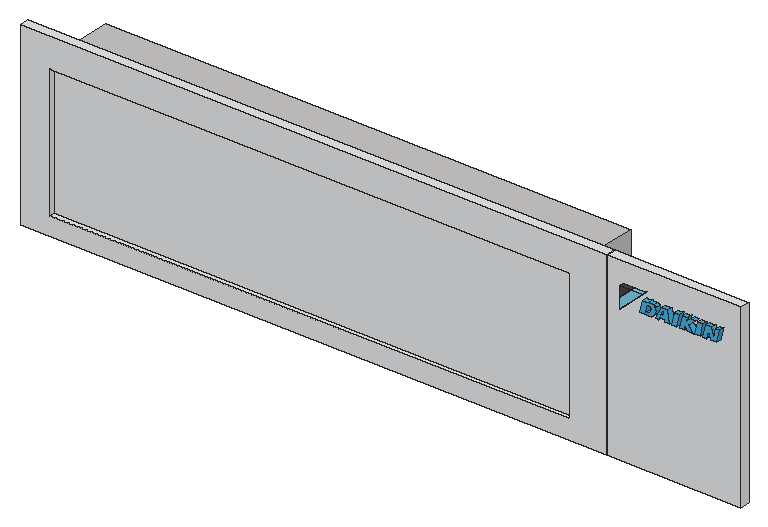
Revit family "outputfile", category 制気口, Revit 2024
Family settings
  丸型コネクタ寸法 = 直径を使用
  パーツ タイプ = 標準
  OmniClass 番号 = 23.75.70.21.27.11
  OmniClass タイトル = Diffusers, Registers, and Grilles
  作業面ベース = いいえ
  常に垂直 = はい
  ロード時にボイドで切り取り = いいえ
  注釈の向きを維持 = いいえ
  共有 = いいえ
  部屋計算ポイント = いいえ
Parameters (values of type "FPRAQ25APVM")
  Description = ""
  製造元 = "Daikin"
  書き出し IFC クラス(タイプ) = "IfcAirTerminalType"
  Default Elevation = 0 mm
  定義済み IFC タイプ(タイプ) = "GRILLE"
  Cost = 0
  モデル = "FPRAQ25APVM"
  Type Comments = ""
  Keynote = ""
  Type Image = (empty or 0)
  Assembly Code = ""
  Width = 722 mm
  Version = "ver.1.0"
  Unit Type = "Moisture Control 3D Air Flow Ceiling Mounted Duct Type"
  Unit Designation [instance] = ""
  Uniclass2015Version = "Products v1.35"
  Uniclass2015Title = "Air grilles"
  Uniclass2015Code = "Pr_70_65_04_03"
  URL = ""
  Series = "VRV Fan Coil Unit"
  SA Duct Size Width = 456 mm
  SA Duct Size Height = 141 mm
  Material_Grille = DAIKIN_FreshWhite_Panel_indoorunit
  IfcVersion = ""
  IfcExportType = "GRILLE"
  IfcExportAs = "IfcAirTerminalType"
  Height = 180 mm
  FCU Tag No. [instance] = ""
  Design Supply Airflow [instance] = 0.00 m³/h
  Depth = 70 mm
Reference planes
  plane 1 "Center (Front/Back)": y = 0
  plane 2: z = 90
  plane 3 "Center (Left/Right)": x = 10
  plane 4: x = 371
  plane 5: x = 237
  plane 6: x = -351
  plane 7: z = -90
  plane 8: z = -90
  plane 9: z = -75
  plane 10: x = 304
  plane 11: x = -321
  plane 12 "Center (Elevation)": z = 0
  plane 13: y = -10
  plane 14: y = -5
  plane 15: y = 60
  plane 16: z = 70.5
  plane 17: x = 205
  plane 18: z = 60
  plane 19: z = -23
  plane 20: z = -70.5
  plane 21: x = 308.5
  plane 22: x = 268
  plane 23: x = -58
Forms (mm)
  Extrusion 1, solid, material "DAIKIN_FreshWhite_Panel_indoorunit" <- "Material_Grille"
    sketch origin (10, 0, 0) x (0, 1, 0) y (0, 0, 1)
      loop
        line (0, 90) -> (-10, 90) -> (-10, -90) -> (0, -90) -> (0, 90)
    from 227 to 361
  Extrusion 2, solid, material "DAIKIN_FreshWhite_Panel_indoorunit" <- "Material_Grille"
    sketch origin (10, 0, 0) x (0, 1, 0) y (0, 0, 1)
      loop
        line (-10, 90) -> (-10, -90) -> (0, -90) -> (0, 90) -> (-10, 90)
    from -361 to 227
  Extrusion 3, void
    sketch origin (0, 0, 0) x (1, 0, 0) y (0, 0, 1)
      loop
        line (-321, 61) -> (-321, -70.5) -> (200.5, -70.5) -> (200.5, 61) -> (-321, 61)
    from 10 to 5
  Extrusion 4, solid, material "DAIKIN_GalvanizedSteel_Casing_indoorunit"
    sketch origin (0, 0, 0) x (1, 0, 0) y (0, 1, 0)
      loop
        line (-321, 60) -> (-321, 0) -> (205, 0) -> (205, 60) -> (-321, 60)
    from -70.5 to 70.5
  Extrusion 5, solid, material "DAIKIN_GalvanizedSteel_Casing_indoorunit"
    sketch origin (0, 0, 0) x (1, 0, 0) y (0, 1, 0)
      loop
        line (283.049, 33) -> (269.7, 19.651) -> (269.7, 0) -> (338.3, 0) -> (338.3, 33) -> (283.049, 33)
    from -23 to 60
Cuts and joins
  Extrusion 3 cuts Extrusion 2
  Extrusion 3 cuts Extrusion 1
Dimensions and locks
  locked: plane 2 to plane 7 at 180
  locked: plane 2 to Extrusion 3 sketch curve at 29
  locked: plane 2 to plane 9 at 165
  locked: plane 4 to plane 5 at 134
  locked: plane 11 to plane 6 at 30
  locked: plane 13 to plane 1 "Center (Front/Back)" at 10
  equal spacing: plane 13, plane 14, plane 1 "Center (Front/Back)"
  plane 6 to plane 3 "Center (Left/Right)" = 361 mm
  equal spacing: plane 4, plane 10, plane 5
  locked: plane 2 to plane 16 at 19.5
  locked: plane 17 to plane 4 at 166
  equal spacing: Extrusion 5 sketch curve, plane 10, Extrusion 5 sketch curve
  locked: Extrusion 5 sketch curve to Extrusion 5 sketch curve at 68.6
  locked: plane 1 "Center (Front/Back)" to Extrusion 5 sketch curve at 33
  plane 2 to plane 18 = 30 mm  (x2)
  locked: plane 19 to plane 8 at 67
  locked: plane 20 to plane 8 at 19.5
  "Width": plane 6 to plane 4
  "Depth": plane 15 to plane 13
  "Height": plane 2 to plane 8
  locked: plane 4 to plane 21 at 62.5
  locked: plane 22 to plane 5 at 31
  equal spacing: plane 17, plane 23, plane 11
  equal spacing: plane 4, plane 3 "Center (Left/Right)", plane 6
  aligned and locked: Extrusion 1 to plane 5
  aligned and locked: plane 4 to Extrusion 1
  aligned and locked: plane 7 to Extrusion 2 sketch curve
  aligned and locked: Extrusion 2 to Extrusion 1
  aligned and locked: Extrusion 2 to plane 6
  aligned and locked: Extrusion 3 to plane 11
  aligned and locked: Extrusion 1 sketch curve to plane 2
  aligned and locked: plane 2 to Extrusion 2 sketch curve
  aligned and locked: level to plane 12 "Center (Elevation)"
  aligned and locked: Extrusion 1 sketch curve to plane 1 "Center (Front/Back)"
  aligned and locked: plane 1 "Center (Front/Back)" to Extrusion 4 sketch curve
  aligned and locked: plane 14 to Extrusion 3
  aligned and locked: plane 1 "Center (Front/Back)" to Extrusion 2 sketch curve
  aligned and locked: plane 13 to Extrusion 2 sketch curve
  aligned and locked: Extrusion 2 to Extrusion 3
  aligned and locked: plane 13 to Extrusion 1 sketch curve
  aligned and locked: plane 15 to Extrusion 4
  aligned and locked: Extrusion 4 to cut or joined group of Extrusion 2, Extrusion 3
  aligned and locked: nested 1 to plane 16
  aligned and locked: plane 10 to nested 1
  aligned and locked: nested 1 to plane 13
  aligned and locked: plane 17 to Extrusion 4
  aligned and locked: Extrusion 5 sketch curve to plane 1 "Center (Front/Back)"
  aligned and locked: plane 18 to Extrusion 5
  aligned and locked: Extrusion 5 to plane 19
  aligned and locked: Extrusion 4 to plane 20
  aligned and locked: Extrusion 3 to Extrusion 4
  aligned and locked: Extrusion 4 to plane 16
  aligned and locked: Extrusion 1 sketch curve to plane 8
Automatic sketch dimensions
  plane 6 to Extrusion 3 sketch curve = 30 mm
  Extrusion 3 sketch curve to plane 5 = 36.5 mm
  Extrusion 4 sketch curve to plane 10 = 99 mm
  Extrusion 4 sketch curve to plane 11 = 0 mm
  Extrusion 4 sketch curve to plane 1 "Center (Front/Back)" = 60 mm
  Extrusion 5 sketch curve to Extrusion 5 sketch curve = 13.349 mm  (x2)
  plane 20 to Extrusion 3 sketch curve = 0 mm
Nested families
  nested 1: "daikin_logo_elevation_w100" at (319, -10, 45.5), type "daikin_logo_elevation_w100"
    with show_logo yes
Connectors
  hvac at (-58, 60, 0), driven by "SA Duct Size Height", driven by "SA Duct Size Width", driven by "Design Supply Airflow"
    settings: on Extrusion 4, index 1, duct flow 0.00 m³/h, flow factor 0, pres drop 0.0 Pa, loss coef 0, conn angle 0.00°, conn width 456.0 mm, conn height 141.0 mm, conn diameter 609.6 mm, duct sys type 1, conn prof type 1, flow config 1, flow direction 1, loss method 4, conn ref index -1, conn util no, is conn primary yes, conn desc "SA Duct"
Definition of nested family "daikin_logo_elevation_w100"
  Parameters (values of type "daikin_logo_elevation_w100")
    width = 100 mm
    show_logo [instance] = yes
    material = none
    height = 25 mm
    depth = 5 mm
    Default Elevation = 0 mm
  Reference planes
    plane 1 "Center (Front/Back)": y = 0
    plane 2: z = 0
    plane 3 "Center (Left/Right)": x = -15
    plane 4 "left": x = -65
    plane 5 "right": x = 35
    plane 6: y = -5
    plane 7: z = 25
  Forms (mm)
    Extrusion 1, solid
      sketch origin (0, 0, 0) x (1, 0, 0) y (0, 0, 1)
        loop
          line (-65, 25) -> (-65, 14.753) -> (-53.814, 25) -> (-65, 25)
      from 0 to 5
    Extrusion 2, solid
      sketch origin (0, 0, 0) x (1, 0, 0) y (0, 0, 1)
        loop
          line (-42.019, 25) -> (-53.814, 25) -> (-65, 14.753) -> (-65, 3.87) -> (-42.019, 25)
      from 0 to 5
    Extrusion 3, solid
      sketch origin (0, 0, 0) x (1, 0, 0) y (0, 0, 1)
        loop
          line (-35.602, 20.041) -> (-41.486, 20.041) -> (-44.428, 8.274) -> (-35.602, 8.274)
          arc (-35.602, 8.274) -> (-32.105, 8.983) -> (-29.415, 11.329) r 6.978
          arc (-29.415, 11.329) -> (-28.233, 14.382) -> (-28.637, 17.63) r 6.701
          arc (-28.637, 17.63) -> (-29.469, 18.814) -> (-30.709, 19.559) r 3.49
          arc (-30.709, 19.559) -> (-33.138, 19.976) -> (-35.602, 20.041) r 17.114
        loop
          line (-38.544, 10.627) -> (-36.191, 10.627)
          arc (-36.191, 10.627) -> (-34.383, 11.838) -> (-33.335, 13.745) r 4.6
          arc (-33.335, 13.745) -> (-33.193, 15.202) -> (-33.538, 16.625) r 4.404
          arc (-33.538, 16.625) -> (-34.051, 17.128) -> (-34.72, 17.393) r 1.818
          line (-34.72, 17.393) -> (-37.073, 17.393) -> (-38.544, 10.627)
        loop
          line (-29.13, 8.274) -> (-25.894, 8.274) -> (-24.791, 10.333) -> (-20.158, 10.333) -> (-19.717, 8.274) -> (-14.422, 8.274) -> (-16.775, 20.041) -> (-22.659, 20.041) -> (-29.13, 8.274)
        loop
          line (-23.373, 12.98) -> (-20.725, 12.98) -> (-21.482, 16.511) -> (-23.373, 12.98)
        loop
          line (-10.009, 20.041) -> (-12.951, 8.274) -> (-7.95, 8.274) -> (-5.008, 20.041) -> (-10.009, 20.041)
        loop
          line (-5.008, 8.274) -> (-0.007, 8.274) -> (0.792, 11.472) -> (3.229, 8.274) -> (9.407, 8.274) -> (4.7, 14.451) -> (11.466, 20.041) -> (6.171, 20.041) -> (2.093, 16.672) -> (2.935, 20.041) -> (-2.066, 20.041) -> (-5.008, 8.274)
        loop
          line (10.583, 8.274) -> (15.879, 8.274) -> (18.82, 20.041) -> (13.819, 20.041) -> (10.583, 8.274)
        loop
          line (18.82, 8.274) -> (22.35, 8.274) -> (24.013, 14.925) -> (26.175, 8.274) -> (32.058, 8.274) -> (35, 20.041) -> (31.47, 20.041) -> (29.679, 12.878) -> (27.351, 20.041) -> (21.762, 20.041) -> (18.82, 8.274)
      from 0 to 5
  Lines and regions (mm)
    model lines
      curve 1: line (-42.019, 0, 25) -> (-52.024, 0, 25)
      curve 2: line (-52.024, 0, 25) -> (-65, 0, 13.114)
      curve 3: line (-65, 0, 13.114) -> (-65, 0, 3.87)
      curve 4: line (-65, 0, 3.87) -> (-42.019, 0, 25)
      curve 5: line (-65, 0, 14.753) -> (-65, 0, 25)
      curve 6: line (-65, 0, 25) -> (-53.814, 0, 25)
      curve 7: line (-53.814, 0, 25) -> (-65, 0, 14.753)
      curve 8: line (-20.725, 0, 12.98) -> (-23.373, 0, 12.98)
      curve 9: line (-23.373, 0, 12.98) -> (-21.482, 0, 16.511)
      curve 10: line (-21.482, 0, 16.511) -> (-20.725, 0, 12.98)
      curve 11: line (-19.717, 0, 8.274) -> (-20.158, 0, 10.333)
      curve 12: line (-20.158, 0, 10.333) -> (-24.791, 0, 10.333)
      curve 13: line (-24.791, 0, 10.333) -> (-25.894, 0, 8.274)
      curve 14: line (-25.894, 0, 8.274) -> (-29.13, 0, 8.274)
      curve 15: line (-29.13, 0, 8.274) -> (-22.659, 0, 20.041)
      curve 16: line (-22.659, 0, 20.041) -> (-16.775, 0, 20.041)
      curve 17: line (-36.191, 0, 10.627) -> (-38.544, 0, 10.627)
      curve 18: line (-38.544, 0, 10.627) -> (-37.073, 0, 17.393)
      curve 19: line (-37.073, 0, 17.393) -> (-34.72, 0, 17.393)
      curve 20: line (-5.008, 0, 20.041) -> (-10.009, 0, 20.041)
      curve 21: line (-10.009, 0, 20.041) -> (-12.951, 0, 8.274)
      curve 22: line (-12.951, 0, 8.274) -> (-7.95, 0, 8.274)
      curve 23: line (-7.95, 0, 8.274) -> (-5.008, 0, 20.041)
      curve 24: line (24.013, 0, 14.925) -> (22.35, 0, 8.274)
      curve 25: line (22.35, 0, 8.274) -> (18.82, 0, 8.274)
      curve 26: line (18.82, 0, 8.274) -> (21.762, 0, 20.041)
      curve 27: line (21.762, 0, 20.041) -> (27.351, 0, 20.041)
      curve 28: line (27.351, 0, 20.041) -> (29.679, 0, 12.878)
      curve 29: line (29.679, 0, 12.878) -> (31.47, 0, 20.041)
      curve 30: line (31.47, 0, 20.041) -> (35, 0, 20.041)
      curve 31: line (35, 0, 20.041) -> (32.058, 0, 8.274)
      curve 32: line (32.058, 0, 8.274) -> (26.175, 0, 8.274)
      curve 33: line (26.175, 0, 8.274) -> (24.013, 0, 14.925)
      curve 34: line (-16.775, 0, 20.041) -> (-14.422, 0, 8.274)
      curve 35: line (-14.422, 0, 8.274) -> (-19.717, 0, 8.274)
      curve 36: line (-35.602, 0, 20.041) -> (-41.486, 0, 20.041)
      curve 37: line (-41.486, 0, 20.041) -> (-44.428, 0, 8.274)
      curve 38: line (-44.428, 0, 8.274) -> (-35.602, 0, 8.274)
      curve 39: line (10.583, 0, 8.274) -> (15.879, 0, 8.274)
      curve 40: line (15.879, 0, 8.274) -> (18.82, 0, 20.041)
      curve 41: line (18.82, 0, 20.041) -> (13.819, 0, 20.041)
      curve 42: line (13.819, 0, 20.041) -> (10.583, 0, 8.274)
      curve 43: line (3.229, 0, 8.274) -> (0.792, 0, 11.472)
      curve 44: line (0.792, 0, 11.472) -> (-0.007, 0, 8.274)
      curve 45: line (-0.007, 0, 8.274) -> (-5.008, 0, 8.274)
      curve 46: line (-5.008, 0, 8.274) -> (-2.066, 0, 20.041)
      curve 47: line (-2.066, 0, 20.041) -> (2.935, 0, 20.041)
      curve 48: line (2.935, 0, 20.041) -> (2.093, 0, 16.672)
      curve 49: line (2.093, 0, 16.672) -> (6.171, 0, 20.041)
      curve 50: line (6.171, 0, 20.041) -> (11.466, 0, 20.041)
      curve 51: line (11.466, 0, 20.041) -> (4.7, 0, 14.451)
      curve 52: line (4.7, 0, 14.451) -> (9.407, 0, 8.274)
      curve 53: line (9.407, 0, 8.274) -> (3.229, 0, 8.274)
      curve 54: arc (-36.191, 0, 10.627) -> (-34.383, 0, 11.838) -> (-33.335, 0, 13.745) r 4.6
      curve 55: arc (-33.335, 0, 13.745) -> (-33.193, 0, 15.202) -> (-33.538, 0, 16.625) r 4.404
      curve 56: arc (-33.538, 0, 16.625) -> (-34.051, 0, 17.128) -> (-34.72, 0, 17.393) r 1.818
      curve 57: arc (-35.602, 0, 8.274) -> (-32.105, 0, 8.983) -> (-29.415, 0, 11.329) r 6.978
      curve 58: arc (-29.415, 0, 11.329) -> (-28.233, 0, 14.382) -> (-28.637, 0, 17.63) r 6.701
      curve 59: arc (-28.637, 0, 17.63) -> (-29.469, 0, 18.814) -> (-30.709, 0, 19.559) r 3.49
      curve 60: arc (-30.709, 0, 19.559) -> (-33.138, 0, 19.976) -> (-35.602, 0, 20.041) r 17.114
  Dimensions and locks
    "width": plane 4 "left" to plane 5 "right"
    "depth": plane 6 to plane 1 "Center (Front/Back)"
    equal spacing: plane 4 "left", plane 3 "Center (Left/Right)", plane 5 "right"
    "height": plane 7 to plane 2
    aligned and locked: level to plane 2
    aligned and locked: Extrusion 1 sketch curve to plane 4 "left"
    aligned and locked: Extrusion 1 sketch curve to plane 7
    aligned and locked: plane 7 to Extrusion 2 sketch curve
    aligned and locked: plane 4 "left" to Extrusion 2 sketch curve
    aligned and locked: Extrusion 3 to plane 6
    aligned and locked: Extrusion 1 to plane 6
    aligned and locked: Extrusion 2 to plane 6
  Automatic sketch dimensions
    plane 4 "left" to curve 5 = 0 mm
    plane 4 "left" to curve 2 = 0 mm
    curve 30 to plane 5 "right" = 0 mm
    curve 5 to curve 6 = 11.186 mm
    curve 6 to curve 2 = 1.79 mm
    curve 2 to curve 37 = 7.597 mm
    curve 2 to curve 1 = 10.005 mm
    curve 1 to curve 37 = 0.534 mm
    curve 37 to curve 18 = 5.884 mm
    curve 17 to curve 54 = 0.769 mm
    curve 54 to curve 55 = 0.188 mm
    curve 54 to curve 19 = 0.702 mm
    curve 17 to curve 17 = 2.353 mm
    curve 18 to curve 36 = 1.471 mm
    curve 17 to curve 38 = 0.588 mm
    curve 55 to curve 57 = 2.392 mm
    curve 57 to curve 56 = 0.152 mm
    curve 57 to curve 58 = 0.311 mm
    curve 57 to curve 60 = 0.787 mm
    curve 56 to curve 19 = 0.322 mm
    curve 19 to curve 59 = 2.873 mm
    curve 57 to curve 15 = 6.472 mm
    curve 14 to curve 13 = 3.236 mm
    curve 13 to curve 13 = 1.103 mm
    curve 12 to curve 8 = 1.418 mm
    curve 8 to curve 16 = 0.714 mm
    curve 15 to curve 10 = 1.177 mm
    curve 8 to curve 10 = 2.648 mm
    curve 8 to curve 12 = 0.567 mm
    curve 11 to curve 35 = 0.441 mm
    curve 16 to plane 3 "Center (Left/Right)" = 1.775 mm
    plane 3 "Center (Left/Right)" to curve 35 = 0.578 mm
    curve 34 to curve 21 = 1.471 mm
    plane 3 "Center (Left/Right)" to curve 21 = 4.991 mm
    curve 21 to curve 23 = 5.001 mm
    curve 20 to curve 23 = 5.001 mm
    curve 22 to curve 45 = 2.942 mm
    curve 20 to curve 47 = 2.942 mm
    curve 45 to curve 44 = 5.001 mm
    curve 44 to curve 44 = 0.799 mm
    curve 46 to curve 49 = 4.159 mm
    curve 49 to curve 48 = 0.842 mm
    curve 44 to curve 53 = 3.236 mm
    curve 48 to curve 52 = 2.607 mm
    curve 47 to curve 49 = 3.236 mm
    curve 43 to curve 53 = 6.178 mm
    curve 52 to curve 39 = 1.177 mm
    curve 49 to curve 51 = 5.295 mm
    curve 50 to curve 41 = 2.353 mm
    curve 39 to curve 39 = 5.295 mm
    curve 41 to curve 40 = 5.001 mm
    curve 39 to curve 25 = 2.942 mm
    curve 40 to curve 26 = 2.942 mm
    curve 25 to curve 24 = 3.53 mm
    curve 26 to curve 33 = 2.251 mm
    curve 24 to curve 33 = 3.824 mm
    curve 26 to curve 27 = 5.589 mm
    curve 29 to plane 5 "right" = 5.321 mm
    curve 29 to curve 30 = 3.53 mm
    curve 31 to plane 5 "right" = 2.942 mm
    curve 60 to plane 7 = 22.055 mm
    curve 60 to curve 3 = 0.925 mm
    curve 60 to curve 37 = 5.329 mm
    curve 60 to curve 34 = 5.329 mm
    curve 32 to curve 34 = 0 mm
    curve 39 to curve 32 = 0 mm
    curve 43 to curve 39 = 0 mm
    curve 26 to curve 39 = 0 mm
    curve 23 to curve 34 = 0 mm
    curve 13 to curve 11 = 0 mm
    curve 44 to curve 43 = 0 mm
    curve 11 to curve 11 = 2.059 mm
    curve 38 to curve 17 = 2.353 mm
    curve 44 to curve 43 = 3.198 mm
    curve 31 to curve 29 = 4.604 mm
    curve 12 to curve 8 = 2.648 mm
    curve 4 to curve 2 = 9.244 mm
    curve 43 to curve 51 = 2.98 mm
    curve 2 to curve 5 = 1.639 mm
    curve 17 to curve 55 = 4.265 mm
    curve 28 to curve 24 = 2.046 mm
    curve 55 to curve 54 = 0.053 mm
    curve 55 to curve 58 = 0.311 mm
    curve 58 to curve 57 = 0.037 mm
    curve 57 to curve 56 = 0.364 mm
    curve 58 to curve 59 = 1.057 mm
    curve 8 to curve 9 = 3.53 mm
    curve 51 to curve 48 = 2.22 mm
    curve 54 to curve 18 = 2.447 mm
    curve 22 to curve 21 = 11.767 mm
    curve 46 to curve 20 = 0 mm
    curve 24 to curve 26 = 5.116 mm
    curve 49 to curve 47 = 0 mm
    curve 42 to curve 50 = 0 mm
    curve 9 to curve 16 = 3.53 mm
    curve 29 to curve 27 = 0 mm
    curve 18 to curve 37 = 2.648 mm
    curve 36 to curve 6 = 4.959 mm
    curve 36 to curve 4 = 4.959 mm
    curve 19 to curve 55 = 1.182 mm
    curve 59 to curve 60 = 1.138 mm
    curve 58 to curve 14 = 0.285 mm
    Extrusion 1 sketch curve to plane 4 "left" = 11.186 mm
    Extrusion 1 sketch curve to plane 7 = 10.247 mm
    Extrusion 2 sketch curve to plane 4 "left" = 22.981 mm
    Extrusion 2 sketch curve to plane 7 = 10.247 mm
    level to Extrusion 2 sketch curve = 3.87 mm
    Extrusion 2 sketch curve to plane 4 "left" = 11.186 mm
    Extrusion 3 sketch curve to plane 7 = 4.959 mm  (x5)
    Extrusion 3 sketch curve to plane 3 "Center (Left/Right)" = 20.602 mm
    level to Extrusion 3 sketch curve = 2.945 mm
    Extrusion 3 sketch curve to Extrusion 3 sketch curve = 0.787 mm  (x2)
    Extrusion 3 sketch curve to Extrusion 3 sketch curve = 5.884 mm
    Extrusion 3 sketch curve to Extrusion 3 sketch curve = 4.894 mm
    Extrusion 3 sketch curve to Extrusion 3 sketch curve = 1.138 mm
    Extrusion 3 sketch curve to Extrusion 3 sketch curve = 3.299 mm
    Extrusion 3 sketch curve to Extrusion 3 sketch curve = 2.072 mm
    Extrusion 3 sketch curve to Extrusion 3 sketch curve = 3.036 mm
    Extrusion 3 sketch curve to Extrusion 3 sketch curve = 1.057 mm
    Extrusion 3 sketch curve to Extrusion 3 sketch curve = 2.432 mm
    Extrusion 3 sketch curve to Extrusion 3 sketch curve = 0.311 mm
    Extrusion 3 sketch curve to Extrusion 3 sketch curve = 0.037 mm
    Extrusion 3 sketch curve to Extrusion 3 sketch curve = 8.825 mm
    Extrusion 3 sketch curve to plane 7 = 7.607 mm
    Extrusion 3 sketch curve to Extrusion 3 sketch curve = 1.879 mm
    Extrusion 3 sketch curve to Extrusion 3 sketch curve = 2.942 mm  (x5)
    Extrusion 3 sketch curve to Extrusion 3 sketch curve = 0.163 mm
    Extrusion 3 sketch curve to Extrusion 3 sketch curve = 0.152 mm
    Extrusion 3 sketch curve to Extrusion 3 sketch curve = 0.364 mm
    Extrusion 3 sketch curve to Extrusion 3 sketch curve = 1.182 mm
    Extrusion 3 sketch curve to Extrusion 3 sketch curve = 2.392 mm
    Extrusion 3 sketch curve to Extrusion 3 sketch curve = 0.348 mm
    Extrusion 3 sketch curve to Extrusion 3 sketch curve = 1.548 mm
    Extrusion 3 sketch curve to Extrusion 3 sketch curve = 0.188 mm
    Extrusion 3 sketch curve to Extrusion 3 sketch curve = 0.053 mm
    Extrusion 3 sketch curve to Extrusion 3 sketch curve = 2.353 mm  (x2)
    Extrusion 3 sketch curve to Extrusion 3 sketch curve = 5.979 mm
    Extrusion 3 sketch curve to Extrusion 3 sketch curve = 0.285 mm
    Extrusion 3 sketch curve to plane 3 "Center (Left/Right)" = 1.775 mm
    Extrusion 3 sketch curve to Extrusion 3 sketch curve = 3.056 mm
    plane 3 "Center (Left/Right)" to Extrusion 3 sketch curve = 0.578 mm
    Extrusion 3 sketch curve to plane 3 "Center (Left/Right)" = 4.717 mm
    Extrusion 3 sketch curve to Extrusion 3 sketch curve = 0.441 mm
    Extrusion 3 sketch curve to Extrusion 3 sketch curve = 2.059 mm  (x2)
    Extrusion 3 sketch curve to Extrusion 3 sketch curve = 4.633 mm
    Extrusion 3 sketch curve to Extrusion 3 sketch curve = 1.103 mm
    Extrusion 3 sketch curve to Extrusion 3 sketch curve = 1.177 mm  (x2)
    Extrusion 3 sketch curve to Extrusion 3 sketch curve = 3.53 mm  (x2)
    Extrusion 3 sketch curve to Extrusion 3 sketch curve = 1.418 mm
    Extrusion 3 sketch curve to Extrusion 3 sketch curve = 2.648 mm  (x2)
    plane 3 "Center (Left/Right)" to Extrusion 3 sketch curve = 4.991 mm
    Extrusion 3 sketch curve to Extrusion 3 sketch curve = 1.471 mm
    Extrusion 3 sketch curve to Extrusion 3 sketch curve = 5.001 mm  (x4)
    Extrusion 3 sketch curve to Extrusion 3 sketch curve = 0 mm  (x8)
    Extrusion 3 sketch curve to plane 7 = 8.328 mm
    Extrusion 3 sketch curve to Extrusion 3 sketch curve = 0.842 mm
    Extrusion 3 sketch curve to Extrusion 3 sketch curve = 3.236 mm  (x2)
    Extrusion 3 sketch curve to Extrusion 3 sketch curve = 5.295 mm  (x2)
    Extrusion 3 sketch curve to Extrusion 3 sketch curve = 2.607 mm
    Extrusion 3 sketch curve to Extrusion 3 sketch curve = 2.22 mm
    Extrusion 3 sketch curve to Extrusion 3 sketch curve = 4.707 mm
    Extrusion 3 sketch curve to Extrusion 3 sketch curve = 6.178 mm
    Extrusion 3 sketch curve to Extrusion 3 sketch curve = 2.436 mm
    Extrusion 3 sketch curve to Extrusion 3 sketch curve = 3.198 mm
    Extrusion 3 sketch curve to Extrusion 3 sketch curve = 5.589 mm
    Extrusion 3 sketch curve to plane 5 "right" = 5.321 mm
    Extrusion 3 sketch curve to Extrusion 3 sketch curve = 7.163 mm
    Extrusion 3 sketch curve to plane 5 "right" = 3.53 mm
    Extrusion 3 sketch curve to plane 5 "right" = 0 mm
    Extrusion 3 sketch curve to plane 5 "right" = 2.942 mm
    Extrusion 3 sketch curve to Extrusion 3 sketch curve = 4.604 mm
    Extrusion 3 sketch curve to Extrusion 3 sketch curve = 3.504 mm
    Extrusion 3 sketch curve to Extrusion 3 sketch curve = 2.251 mm
    Extrusion 3 sketch curve to Extrusion 3 sketch curve = 5.116 mm
